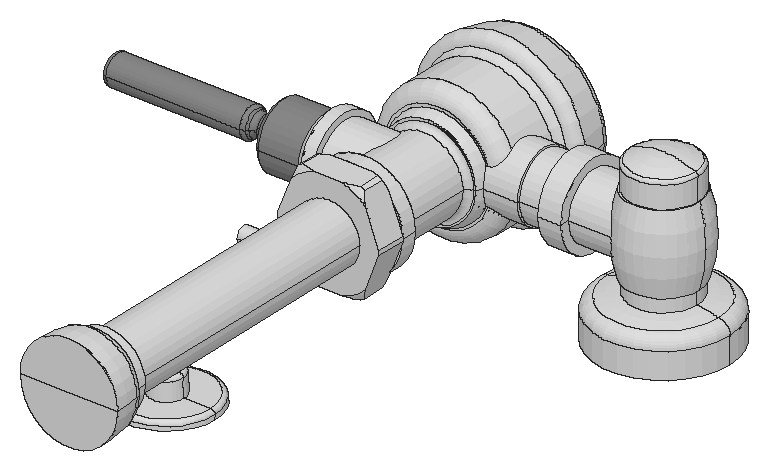
Revit family "7777", category Plumbing Fixtures, host Face, Revit 2019
Family settings
  Host = Face
  Round Connector Dimension = Use Diameter
  Part Type = Normal
  OmniClass Number = 23.45.05.14.99
  OmniClass Title = Other Sanitary Washing Plumbing Fixtures
  Cut with Voids When Loaded = No
  Shared = No
  Room Calculation Point = No
Parameters (values of type "WES 111-1.6/1.1-TP")
  Water Inlet Connection Diameter = 1"  # constant formula
  Waste Connection = no
  WFU = 0
  Vent Connection = no
  Valve Pressure Drop = 0.00 psi
  URL = "www.sloanvalve.com"
  Trap Primer Outlet Tube = yes
  Product data url = "https://www.bimobject.com/sloan_valve/product/flushometers_uppercut_wes-111"
  Product Material = Sloan Valve - Finish - Polished Chrome
  Product Guid = ""
  Part Number = "3720002"
  Operating Water Pressure = "15 – 80 PSI (103 – 552 kPa)"  # constant formula
  Model = "WES 111-1.6/1.1-TP"
  Manufacturer = "Sloan Valve"  # constant formula
  Keynote = "15410"
  Height = 14"  # constant formula
  HWFU = 0
  HW Connection = no
  Flush Rate = "1.6/1.1 gpf (6.0/4.2 Lpf)"  # constant formula
  Edition number = 1
  Description = "1.6/1.1 gpf, Polished Chrome Finish, Fixture Connection Top Spud, Dual Flush, Trap Primer Outlet Tube, UPPERCUT® Exposed Manual Water Closet Flushometer."
  Default Elevation = 0"
  Centerline of Supply to Centerline of Valve = 4 3/4"  # constant formula
  Centerline of Supply from Top of Fixture = 11 1/2"  # constant formula
  CWFU = 0
  CW Connection = yes
  Assembly Code = "D2020300"
Types (9): name | Trap Primer Outlet Tube | Part Number | Model | Description
  WES 111-1.6/1.1 - 2 | no | "3720000" | "WES 111-1.6/1.1" | "1.6/1.1 gpf, Polished Chrome Finish, Fixture Connection Top Spud, Dual Flush, UPPERCUT® Exposed Manual Water Closet Flushometer."
  WES 111-1.6/1.1-TP | yes | "3720002" | "WES 111-1.6/1.1-TP" | "1.6/1.1 gpf, Polished Chrome Finish, Fixture Connection Top Spud, Dual Flush, Trap Primer Outlet Tube, UPPERCUT® Exposed Manual Water Closet Flushometer."
  WES 111-1.6/1.1-YO | no | "3720001" | "WES 111-1.6/1.1-YO" | "1.6/1.1 gpf, Angle Stop Bumper, Polished Chrome Finish, Fixture Connection Top Spud, Single Flush, UPPERCUT® Exposed Manual Water Closet Flushometer."
  WES 111-1.6/1.1-YG | no | "3720003" | "WES 111-1.6/1.1-YG" | "1.6/1.1 gpf, Angle Stop Extended Bumper, Polished Chrome Finish, Fixture Connection Top Spud, Single Flush, UPPERCUT® Exposed Manual Water Closet Flushometer."
  WES 111-1.6/1.1-CPH | no | "3720017" | "WES 111-1.6/1.1-CPH" | "1.6/1.1 gpf, Polished Chrome Finish, Fixture Connection Top Spud, Single Flush, Chrome-Plated Handle, UPPERCUT® Exposed Manual Water Closet Flushometer."
  WES 111-1.6/1.1-SWP | no | "3720015" | "WES 111-1.6/1.1-SWP" | "1.6/1.1 gpf, Polished Chrome Finish, Fixture Connection Top Spud, Single Flush, Spanish Wall Plate, UPPERCUT® Exposed Manual Water Closet Flushometer."
  WES 111-1.6/1.1 - 1 | no | "3720019" | "WES 111-1.6/1.1" | "1.6/1.1 gpf, Polished Chrome Finish, Fixture Connection Top Spud, Dual Flush, UPPERCUT® Exposed Manual Water Closet Flushometer."
  WES 111-1.6/1.1-CO | no | "3720000T" | "WES 111-1.6/1.1-CO" | "1.6/1.1 gpf, Polished Chrome Finish, Fixture Connection Top Spud, Dual Flush, Carbon Offset, UPPERCUT® Exposed Manual Water Closet Flushometer"
  WES 111-1.6/1.1-L/STOP | no | "3720016" | "WES 111-1.6/1.1-L/STOP" | "1.6/1.1 gpf, Polished Chrome Finish, Fixture Connection Top Spud, Single Flush, Less Control Stop, UPPERCUT® Exposed Manual Water Closet Flushometer"
Reference planes (in)
  plane 1 "Center (Front/Back)": y = 0
  plane 2: z = 0
  plane 3 "Center (Left/Right)": x = 0
  plane 4: x = 4.75
  plane 5: y = -11.5
  plane 6: y = -4.8832
Forms (in)
  Revolve 1, solid, material "Sloan Valve - Finish - Polished Chrome" <- "Product Material", visible <- "Trap Primer Outlet Tube"
    sketch origin (-0.90612, -7.48986, 0) x (1, 0, 0) y (0, 0, -1)
      loop
        line (-1.125, 0) -> (-1.11987, -0.09781)
        arc (-1.11987, -0.09781) -> (-1.08968, -0.16432) -> (-1.02231, -0.19255) r 0.1
        arc (-1.02231, -0.19255) -> (-0.71178, -0.19798) -> (-0.4012, -0.19999) r 28.13
        line (-0.4012, -0.19999) -> (-0.37947, -0.61471)
        arc (-0.37947, -0.61471) -> (-0.35155, -0.67528) -> (-0.28959, -0.7) r 0.09
        line (-0.28959, -0.7) -> (0, -0.7) -> (0, 0) -> (-1.125, 0)
      axis (0, -0.7) -> (0, 0)
    angle from 0 to 360
  Sweep 2, solid, material "Sloan Valve - Finish - Polished Chrome" <- "Product Material", visible <- "Trap Primer Outlet Tube"
    path origin (0, 1.25, 0) x (0, 1, 0) y (0, 0, 1)
      loop
        line (-8.73986, 0) -> (-8.73986, 1.75)
        arc (-8.73986, 1.75) -> (-8.59342, 2.10355) -> (-8.23986, 2.25) r 0.5
        line (-8.23986, 2.25) -> (-6.1332, 2.25)
    profile origin (0, -7.48986, 0.875) x (0, -1, 0) y (1, 0, 0)
      loop
        circle (0, -0.90612) r 0.10851
  Extrusion 3, solid, material "Sloan Valve - Finish - Polished Chrome" <- "Product Material", visible <- "Trap Primer Outlet Tube"
    sketch origin (0, 1.25, 0) x (0, 1, 0) y (0, 0, 1)
      loop
        circle (-6.1332, 2.25) r 0.1974
    from -1.1875 to -0.29117
Lines and regions (in)
  Masking region 1, visible <- "Trap Primer Outlet Tube"
    outline origin (-0.00006, 0, 0.01172) x (1, 0, 0) y (0, 0, 1)
      loop
        line (0.2175, -0.01172) -> (0.21423, 0.08179)
        arc (0.21423, 0.08179) -> (0.18151, 0.15359) -> (0.1076, 0.18122) r 0.1031
        line (0.1076, 0.18122) -> (-0.50492, 0.18892) -> (-0.51145, 0.31812)
        arc (-0.51145, 0.31812) -> (-0.89169, 0.46187) -> (-1.23416, 0.68088) r 1.96259
        arc (-1.23416, 0.68088) -> (-1.27171, 0.6486) -> (-1.28572, 0.60111) r 0.08748
        line (-1.28572, 0.60111) -> (-1.30733, 0.18892) -> (-1.91985, 0.18122)
        arc (-1.91985, 0.18122) -> (-1.99376, 0.15359) -> (-2.02648, 0.08179) r 0.1031
        line (-2.02648, 0.08179) -> (-2.02974, -0.01172) -> (0.2175, -0.01172)
Dimensions and locks (in)
  "Centerline of Supply to Centerline of Valve": plane 3 "Center (Left/Right)" to plane 4
  aligned and locked: plane 2 to host face
  aligned and locked: level to host face
Automatic sketch dimensions
  host sketch curve to host sketch curve = 96"  (x2)
  Revolve 1 sketch curve to level = 0"
  Revolve 1 sketch curve to plane 3 "Center (Left/Right)" = 2.03112"
  level to Revolve 1 sketch curve = 0.09781"
  Revolve 1 sketch curve to Revolve 1 sketch curve = 0.00513"
  Revolve 1 sketch curve to Revolve 1 sketch curve = 0.09986"
  level to Revolve 1 sketch curve = 0.19999"
  Revolve 1 sketch curve to Revolve 1 sketch curve = 0.61881"
  level to Revolve 1 sketch curve = 0.61471"
  Revolve 1 sketch curve to Revolve 1 sketch curve = 0.02173"
  Revolve 1 sketch curve to plane 3 "Center (Left/Right)" = 1.28112"
  Revolve 1 sketch curve to Revolve 1 sketch curve = 0.08988"
  Revolve 1 sketch curve to Revolve 1 sketch curve = 0.4012"
  Revolve 1 sketch curve to Revolve 1 sketch curve = 0.08529"
  Revolve 1 sketch curve to Revolve 1 sketch curve = 0.00523"
  Revolve 1 sketch curve to Revolve 1 sketch curve = 27.93"
  Revolve 1 sketch curve to Revolve 1 sketch curve = 0"  (x2)
  Revolve 1 sketch curve to Revolve 1 sketch curve = 0.06385"
  Sweep 2 sketch curve to level = 0"
  Sweep 2 sketch curve to plane 6 = 0"
  Sweep 2 sketch curve to plane 6 = 2.10667"
  Sweep 2 sketch curve to Sweep 2 sketch curve = 1/2"
  level to Sweep 2 sketch curve = 1 3/4"
  Sweep 2 sketch curve to plane 3 "Center (Left/Right)" = 0.90612"
  Sweep 2 sketch curve to profile plane = 0"
  Extrusion 3 sketch curve to plane 6 = 0"
  level to Extrusion 3 sketch curve = 2 1/4"
  Masking region 1 sketch curve to level = 0"
  level to Masking region 1 sketch curve = 0.09351"  (x2)
  Masking region 1 sketch curve to Masking region 1 sketch curve = 0.00327"  (x2)
  Masking region 1 sketch curve to Masking region 1 sketch curve = 0.10303"  (x2)
  level to Masking region 1 sketch curve = 0.19294"
  Masking region 1 sketch curve to Masking region 1 sketch curve = 0.0036"  (x2)
  level to Masking region 1 sketch curve = 0.20064"  (x2)
  Masking region 1 sketch curve to Masking region 1 sketch curve = 0.61252"
  Masking region 1 sketch curve to Masking region 1 sketch curve = 0.0216"
  Masking region 1 sketch curve to plane 3 "Center (Left/Right)" = 0.51151"
  Masking region 1 sketch curve to plane 3 "Center (Left/Right)" = 0.01134"
  plane 3 "Center (Left/Right)" to Masking region 1 sketch curve = 0.10755"
  level to Masking region 1 sketch curve = 0.08991"
  Masking region 1 sketch curve to Masking region 1 sketch curve = 0.00653"
  Masking region 1 sketch curve to Masking region 1 sketch curve = 0.12921"
  Masking region 1 sketch curve to Masking region 1 sketch curve = 0.08748"
  Masking region 1 sketch curve to Masking region 1 sketch curve = 0.41219"
  Masking region 1 sketch curve to Masking region 1 sketch curve = 0.68679"
  Masking region 1 sketch curve to Masking region 1 sketch curve = 1.89779"
  radius of Sweep 2 sketch curve = 0.10851"
  radius of Extrusion 3 sketch curve = 0.1974"
Nested families (in)
  nested 1: "Geometry" at (0, -11.5, 0) x (1, 0, 0) z (0, 1, 0), type "Geometry"
Connectors (in)
  piping at (4.75, 0, 0), diameter 1, driven by "Water Inlet Connection Diameter", driven by "CWFU", driven by "Valve Pressure Drop"
    settings: on nested 1, index 2, connector inside diameter 24", connector length 0", flow factor 0, pipe flow 0 GPM, pressure drop 0.00 psi, fitting loss kfactor 0, connector angle 0.00°, fixture units 0, engagement length 0", angle of deflection 0.00°, flow configuration 3, flow direction 1, fitting loss method 4, system type 20, joint type 0, gender type 0, connector reference index -1, connector utility 0, adjustable connector no, is connector primary yes, connector description "Water Inlet Connection"
Definition of nested family "Geometry"
  Parameters (values of type "Geometry")
    URL = ""
    Product Material = none
    Model = ""
    Manufacturer = ""
    Keynote = ""
    Description = ""
    Default Elevation = 0"
    Assembly Code = ""
  Reference planes (in)
    plane 1 "Center (Front/Back)": y = 0
    plane 2: z = 0
    plane 3 "Center (Left/Right)": x = 0
    plane 4: x = 4.75
    plane 5: y = -2.25
    plane 6: z = 11.5
  Forms (in)
    Extrusion 1, solid
      sketch origin (0, 0, 0) x (1, 0, 0) y (0, 1, 0)
        loop
          line (-48, 48) -> (-48, -48) -> (48, -48) -> (48, 48) -> (-48, 48)
      from 0 to -12
    Extrusion 2, solid, not visible
      sketch origin (0, 0, 0) x (1, 0, 0) y (0, 0, 1)
        loop
          circle (4.75, 11.5) r 1
      from 0.07956 to 0
    Revolve 3, solid, material <- "Product Material"
      sketch origin (2.87566, -6, 11.5) x (0, -1, 0) y (1, 0, 0)
        loop
          line (-6, 1.87434) -> (-6, 0.31986) -> (-5.38855, 0.31986)
          arc (-5.38855, 0.31986) -> (-5.19724, 0.39139) -> (-5.09978, 0.57088) r 0.29161
          arc (-5.09978, 0.57088) -> (-5.03831, 0.82661) -> (-5.00554, 1.08757) r 2.37095
          line (-5.00554, 1.08757) -> (-4.6752, 1.08757) -> (-4.6752, 1.02852)
          arc (-4.6752, 1.02852) -> (-3.75, 0.8743) -> (-2.8248, 1.02852) r 2.85227
          line (-2.8248, 1.02852) -> (-2.8248, 1.06789) -> (-2.30914, 1.06789)
          arc (-2.30914, 1.06789) -> (-2.25773, 1.08326) -> (-2.22321, 1.12434) r 0.09363
          arc (-2.22321, 1.12434) -> (-2.09611, 1.48981) -> (-2.05303, 1.87434) r 1.73773
          line (-2.05303, 1.87434) -> (-6, 1.87434)
        axis (-6, 1.87434) -> (-2.05303, 1.87434)
      angle from 0 to 360
    Revolve 4, solid, material <- "Product Material"
      sketch origin (-6.95658, -2.25, 142.48031) x (1, 0, 0) y (0, 0, 1)
        loop
          arc (8.09831, -142.48031) -> (8.08758, -142.15646) -> (8.04191, -141.83566) r 2.99497
          arc (8.04191, -141.83566) -> (7.98413, -141.71305) -> (7.86182, -141.65462) r 0.20189
          line (7.86182, -141.65462) -> (7.86182, -141.37914) -> (7.67533, -141.37914) -> (7.67533, -134.86351) -> (6.95658, -134.86351) -> (6.95658, -142.48031) -> (8.09831, -142.48031)
        loop
          line (6.95658, -133.81012) -> (7.86209, -133.81012) -> (7.86209, -132.071)
          arc (7.86209, -132.071) -> (7.90326, -131.97161) -> (8.00266, -131.93044) r 0.14057
          line (8.00266, -131.93044) -> (8.05894, -131.93044)
          arc (8.05894, -131.93044) -> (8.11858, -131.79902) -> (8.15737, -131.66002) r 0.93862
          line (8.15737, -131.66002) -> (8.22206, -131.66002)
          arc (8.22206, -131.66002) -> (8.4762, -131.55475) -> (8.58147, -131.30061) r 0.35941
          line (8.58147, -131.30061) -> (8.58147, -130.26424)
          arc (8.58147, -130.26424) -> (8.61171, -130.1454) -> (8.68331, -130.04584) r 0.32943
          arc (8.68331, -130.04584) -> (8.86833, -129.96921) -> (8.94497, -129.78419) r 0.26166
          line (8.94497, -129.78419) -> (8.79543, -129.08066)
          arc (8.79543, -129.08066) -> (8.71339, -128.94679) -> (8.56539, -128.89438) r 0.23518
          arc (8.56539, -128.89438) -> (8.33198, -128.87377) -> (8.09831, -128.85636) r 17.15253
          line (8.09831, -128.85636) -> (8.09831, -128.58915) -> (7.70461, -128.58915) -> (7.64556, -128.47104) -> (6.95658, -128.47104) -> (6.95658, -133.81012)
        axis (6.95658, -142.48031) -> (6.95658, -128.47104)
      angle from 0 to 360
    Revolve 5, solid
      sketch origin (-6.95658, -2.25, 142.48031) x (1, 0, 0) y (0, 0, 1)
        loop
          line (5, -132.48031) -> (5, -131.7126) -> (4.0171, -131.7126)
          arc (4.0171, -131.7126) -> (3.92793, -131.78226) -> (3.85827, -131.87143) r 0.46405
          line (3.85827, -131.87143) -> (3.85827, -132.06828)
          arc (3.85827, -132.06828) -> (3.70972, -132.11345) -> (3.58268, -132.2027) r 0.49152
          arc (3.58268, -132.2027) -> (3.48425, -132.24264) -> (3.38583, -132.2027) r 0.14124
          line (3.38583, -132.2027) -> (3.35236, -132.16923)
          arc (3.35236, -132.16923) -> (3.3041, -132.13698) -> (3.24717, -132.12566) r 0.14875
          line (3.24717, -132.12566) -> (0.11476, -132.12566)
          arc (0.11476, -132.12566) -> (0.03361, -132.15927) -> (0, -132.24042) r 0.11476
          line (0, -132.24042) -> (0, -132.48031) -> (5, -132.48031)
        axis (5, -132.48031) -> (0, -132.48031)
      angle from 0 to 360
    Revolve 6, solid, material <- "Product Material"
      sketch origin (-6.95658, -2.25, 142.48031) x (1, 0, 0) y (0, 0, 1)
        loop
          line (5, -132.48031) -> (6.93793, -132.48031) -> (6.93793, -131.65943) -> (5.43793, -131.65943) -> (5.43793, -131.51995) -> (5.15693, -131.51995)
          arc (5.15693, -131.51995) -> (5.07114, -131.58245) -> (5, -131.66123) r 0.5144
          line (5, -131.66123) -> (5, -132.48031)
        axis (6.93793, -132.48031) -> (5, -132.48031)
      angle from 0 to 360
    Revolve 7, solid, material <- "Product Material"
      sketch origin (-6.95658, -2.25, 142.48031) x (1, 0, 0) y (0, 0, 1)
        loop
          line (10.08152, -130.2126) -> (10.08152, -129.99606) -> (9.55027, -129.99606) -> (9.55027, -130.2126) -> (8.927, -130.2126) -> (8.927, -130.17323) -> (6.95658, -130.17323) -> (6.95658, -130.98031) -> (11.70658, -130.98031) -> (11.70658, -130.2126) -> (10.08152, -130.2126)
        axis (6.95658, -130.98031) -> (11.70658, -130.98031)
      angle from 0 to 360
  Lines and regions (in)
    Masking region 1
      outline origin (0, 0, 0) x (1, 0, 0) y (0, 1, 0)
        loop
          line (6.30453, 0) -> (3.19547, 0) -> (3.19547, -0.60176)
          arc (3.19547, -0.60176) -> (3.27619, -0.78833) -> (3.4459, -0.90022) r 0.3557
          arc (3.4459, -0.90022) -> (3.7016, -0.962) -> (3.9626, -0.99481) r 2.34951
          line (3.9626, -0.99481) -> (3.9626, -1.3248) -> (3.90354, -1.3248)
          arc (3.90354, -1.3248) -> (3.87677, -1.40444) -> (3.85241, -1.48484) r 2.77845
          line (3.85241, -1.48484) -> (3.12437, -1.48484) -> (3.12437, -1.26142) -> (2.59312, -1.26142) -> (2.59312, -1.44004) -> (1.81594, -1.44004)
          arc (1.81594, -1.44004) -> (0.08397, -0.26339) -> (-1.74112, -1.2897) r 1.98839
          line (-1.74112, -1.2897) -> (-1.79975, -1.2897)
          arc (-1.79975, -1.2897) -> (-1.88585, -1.35177) -> (-1.95658, -1.43091) r 0.49065
          line (-1.95658, -1.43091) -> (-1.95658, -1.48228) -> (-2.93948, -1.48228)
          arc (-2.93948, -1.48228) -> (-3.02916, -1.55144) -> (-3.09831, -1.64112) r 0.44191
          line (-3.09831, -1.64112) -> (-3.09831, -1.83797)
          arc (-3.09831, -1.83797) -> (-3.24623, -1.8825) -> (-3.37186, -1.97238) r 0.47212
          arc (-3.37186, -1.97238) -> (-3.47131, -2.01358) -> (-3.57076, -1.97238) r 0.14064
          line (-3.57076, -1.97238) -> (-3.60102, -1.94212)
          arc (-3.60102, -1.94212) -> (-3.6522, -1.90792) -> (-3.71256, -1.89592) r 0.15774
          line (-3.71256, -1.89592) -> (-6.83954, -1.89592)
          arc (-6.83954, -1.89592) -> (-6.92313, -1.92067) -> (-6.95928, -2) r 0.10511
          line (-6.95928, -2) -> (-6.95928, -2.25) -> (-6.95928, -2.5)
          arc (-6.95928, -2.5) -> (-6.92313, -2.57933) -> (-6.83954, -2.60408) r 0.10511
          line (-6.83954, -2.60408) -> (-3.71256, -2.60408)
          arc (-3.71256, -2.60408) -> (-3.6522, -2.59208) -> (-3.60102, -2.55788) r 0.15774
          line (-3.60102, -2.55788) -> (-3.57076, -2.52762)
          arc (-3.57076, -2.52762) -> (-3.47131, -2.48642) -> (-3.37186, -2.52762) r 0.14064
          arc (-3.37186, -2.52762) -> (-3.24623, -2.6175) -> (-3.09831, -2.66203) r 0.47212
          line (-3.09831, -2.66203) -> (-3.09831, -2.85888)
          arc (-3.09831, -2.85888) -> (-3.02916, -2.94856) -> (-2.93948, -3.01772) r 0.44191
          line (-2.93948, -3.01772) -> (-1.95658, -3.01772) -> (-1.95658, -3.06909)
          arc (-1.95658, -3.06909) -> (-1.88585, -3.14823) -> (-1.79975, -3.2103) r 0.49065
          line (-1.79975, -3.2103) -> (-1.74112, -3.2103)
          arc (-1.74112, -3.2103) -> (0.08402, -4.23661) -> (1.81598, -3.05987) r 1.98839
          line (1.81598, -3.05987) -> (2.59312, -3.05987) -> (2.59312, -3.23579) -> (3.12437, -3.23579) -> (3.12437, -3.01791) -> (3.8532, -3.01791)
          arc (3.8532, -3.01791) -> (3.8772, -3.09693) -> (3.90354, -3.1752) r 2.77845
          line (3.90354, -3.1752) -> (3.94291, -3.1752) -> (3.94291, -3.6752)
          arc (3.94291, -3.6752) -> (3.95934, -3.74449) -> (4.00511, -3.79904) r 0.1544
          arc (4.00511, -3.79904) -> (4.75, -3.97483) -> (5.49489, -3.79904) r 1.66617
          arc (5.49489, -3.79904) -> (5.54066, -3.74449) -> (5.55709, -3.6752) r 0.1544
          line (5.55709, -3.6752) -> (5.55709, -3.1752) -> (5.59646, -3.1752)
          arc (5.59646, -3.1752) -> (5.75502, -2.25) -> (5.59646, -1.3248) r 2.77845
          line (5.59646, -1.3248) -> (5.5374, -1.3248) -> (5.5374, -0.99481)
          arc (5.5374, -0.99481) -> (5.7984, -0.962) -> (6.0541, -0.90022) r 2.34951
          arc (6.0541, -0.90022) -> (6.22381, -0.78833) -> (6.30453, -0.60176) r 0.3557
          line (6.30453, -0.60176) -> (6.30453, 0)
    symbolic lines, detail levels medium+fine
      curve 1: line (5.59646, -3.1752, 0) -> (3.90354, -3.1752, 0)
      curve 2: line (5.59646, -1.3248, 0) -> (3.90354, -1.3248, 0)
      curve 3: line (3.9594, -1.00041, 0) -> (5.54725, -1.00041, 0)
      curve 4: line (3.12494, -1.29358, 0) -> (3.12494, -2.25, 0)
      curve 5: line (3.12494, -2.25, 0) -> (3.12494, -3.20642, 0)
      curve 6: line (2.59369, -1.29358, 0) -> (2.59369, -2.25, 0)
      curve 7: line (2.59369, -2.25, 0) -> (2.59369, -3.20642, 0)
      curve 8: line (-2.93948, -1.48228, 0) -> (-2.93948, -3.01772, 0)
      curve 9: line (-1.95658, -1.43091, 0) -> (-1.95658, -1.89578, 0)
      curve 10: line (-1.95658, -3.01772, 0) -> (-1.95658, -2.60422, 0)
      curve 11: line (-3.09831, -1.83797, 0) -> (-3.09831, -2.66203, 0)
      curve 16: arc (0.68898, -2.25, 0) -> (0, -1.56102, 0) -> (-0.68898, -2.25, 0) r 0.68898
      curve 17: arc (-0.68898, -2.25, 0) -> (0, -2.93898, 0) -> (0.68898, -2.25, 0) r 0.68898
      curve 19: arc (-1.74112, -1.2897, 0) -> (-1.98839, -2.25, 0) -> (-1.74112, -3.2103, 0) r 1.98839
      curve 20: arc (1.81594, -1.44004, 0) -> (1.98839, -2.25, 0) -> (1.81594, -3.05996, 0) r 1.98839
    symbolic lines, detail levels fine
      curve 12: arc (1.14173, -2.25, 0) -> (0, -1.10827, 0) -> (-1.14173, -2.25, 0) r 1.14173
      curve 13: arc (-1.14173, -2.25, 0) -> (0, -3.39173, 0) -> (1.14173, -2.25, 0) r 1.14173
      curve 14: arc (0.74803, -2.25, 0) -> (0, -1.50197, 0) -> (-0.74803, -2.25, 0) r 0.74803
      curve 15: arc (-0.74803, -2.25, 0) -> (0, -2.99803, 0) -> (0.74803, -2.25, 0) r 0.74803
      curve 18: circle (0, -2.25, 0) r 1.60881 normal (0, 0, 1)
  Dimensions and locks (in)
    Extrusion 2 sketch curve to plane 2 = 11 1/2"
    Extrusion 2 sketch curve to plane 3 "Center (Left/Right)" = 4 3/4"
    plane 3 "Center (Left/Right)" to plane 4 = 4 3/4"
    plane 6 to plane 2 = 11 1/2"
    aligned and locked: plane 2 to Extrusion 1
    aligned and locked: level to Extrusion 1
    aligned and locked: Extrusion 2 to plane 1 "Center (Front/Back)"
  Nested families (in)
    nested 1: "Royal Adapter" at (0, -2.25, 7.6168) x (-1, 0, 0) z (0, 0, 1), type "Optima Adapter"
  Definition of nested family "Royal Adapter"
    Parameters
      Flushometer Body = none
      Assembly Code = ""
    Reference planes (in)
      plane 1 "Center (Front/Back)": y = 0
      plane 2 "Bottom": z = 0
      plane 3 "Center (Left/Right)": x = 0
      plane 4: z = 0.6875
      plane 5: z = 0
      plane 6 "Top": z = 1.15625
      plane 7: x = -1.00394
      plane 8: x = 1.00394
      plane 9: y = 1.00394
      plane 10: y = -1.00394
      plane 11: x = -0.90551
      plane 12: x = 0.90551
      plane 13: y = 0.90551
      plane 14: y = -0.90551
    Forms (in)
      Blend 1, solid, material <- "Flushometer Body"
        base sketch origin (0, 0, 0.7874) x (1, 0, 0) y (0, 1, 0)
          loop
            circle (0, 0) r 1.1811
        top sketch origin (0, 0, 0.7874) x (1, 0, 0) y (0, 1, 0)
          loop
            circle (0, 0) r 0.8673
        from 0.26599 to 0.36885
      Extrusion 2, solid, material <- "Flushometer Body"
        sketch origin (3.5659, 28.25, -0.28276) x (1, 0, 0) y (0, 1, 0)
          loop
            line (-2.79667, -29.38337) -> (-2.3784, -28.30413) -> (-2.3784, -28.19587) -> (-2.79667, -27.11663) -> (-2.89042, -27.0625) -> (-4.24137, -27.0625) -> (-4.33512, -27.11663) -> (-4.7534, -28.19587) -> (-4.7534, -28.30413) -> (-4.33512, -29.38337) -> (-4.24137, -29.4375) -> (-2.89042, -29.4375) -> (-2.79667, -29.38337)
        from 0.28276 to 0.97026
      Revolve 3, solid, material <- "Flushometer Body"
        sketch origin (0, 0, -6.85938) x (1, 0, 0) y (0, 0, 1)
          loop
            line (-1.1875, 7.91276) -> (-1.1875, 7.54688) -> (0, 7.54688) -> (0, 7.91276) -> (-1.1875, 7.91276)
          axis (0, 7.54688) -> (0, 7.91276)
        angle from 0 to 360
      Sweep 4, void
        path origin (-6.04882, -180, 0.6875) x (-1, 0, 0) y (0, -1, 0)
          loop
            circle (-6.04882, -180) r 1.08978
        profile origin (0, -1.08978, 0.6875) x (0, 1, 0) y (0, 0, 1)
          loop
            line (0.07741, 0.05661) -> (-0.42957, 0.05661) -> (-0.42957, -0.31393)
            arc (-0.42957, -0.31393) -> (-0.23088, -0.05368) -> (0.07741, 0.05661) r 0.5772
          loop
            arc (0.07741, -0.74411) -> (-0.23088, -0.63382) -> (-0.42957, -0.37357) r 0.5772
            line (-0.42957, -0.37357) -> (-0.42957, -0.74411) -> (0.07741, -0.74411)
    Cuts and joins
      Sweep 4 cuts Extrusion 2
    Dimensions and locks (in)
      locked: plane 6 "Top" to plane 4 at 0.46875
      locked: plane 4 to plane 5 at 0.6875
      locked: plane 8 to plane 7 at 2.00787
      locked: plane 11 to plane 12 at 1.81102
      locked: plane 9 to plane 10 at 2.00787
      locked: plane 13 to plane 14 at 1.81102
      Extrusion 2 sketch curve to Extrusion 2 sketch curve = 2 3/8"
      locked: Extrusion 2 sketch curve to Extrusion 2 sketch curve at 2.375  (x2)
      aligned and locked: level to plane 2 "Bottom"
      aligned and locked: plane 2 "Bottom" to plane 5
      aligned and locked: Blend 1 to plane 6 "Top"
      aligned and locked: Revolve 3 sketch curve to Blend 1
      aligned and locked: plane 4 to Revolve 3 sketch curve
      aligned and locked: plane 3 "Center (Left/Right)" to Revolve 3 sketch curve
      aligned and locked: Revolve 3 sketch curve to Revolve 3 sketch curve
      aligned and locked: plane 4 to Extrusion 2
      aligned and locked: Extrusion 2 to level
